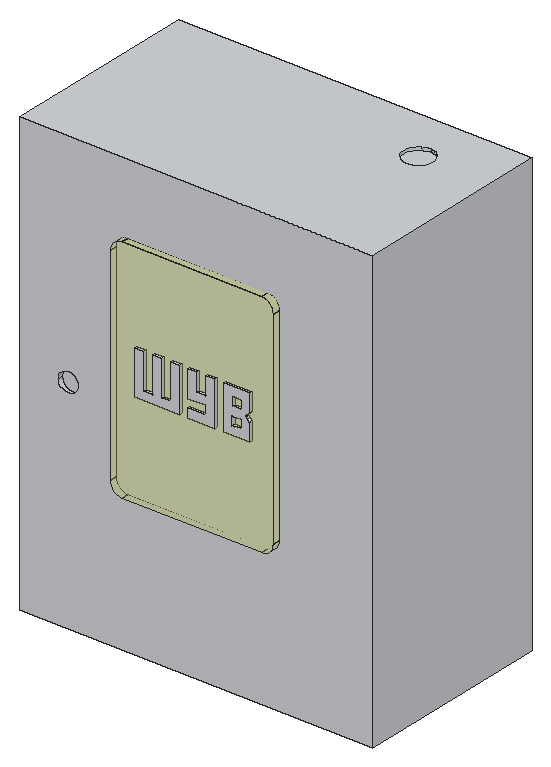
Revit family "ШУВ-М", category Оборудование, Revit 2020
Family settings
  Размер круглого соединителя = Использовать диаметр
  Классификация = Нет
  Тип детали = Нормальный
  На основе рабочей плоскости = Нет
  Всегда вертикально = Да
  При загрузке вырезать с полостями = Нет
  Общий = Нет
  Точка расчета площади = Нет
Parameters (values of type "ШУВ-М_IP54_DEK_0,37-4кВт")
  расст замок верт = 250 mm
  Ширина [instance] = 400 mm
  Расст вывода3 от левой стенки = 270 mm
  Расст замок = 55 mm
  Расст вывода2 от левой стенки = 210 mm
  Расст вывода от левой стенки = 150 mm
  Расст вывода от задней стенки = 55 mm
  Расст ПУШ от верхней стенки = 80 mm
  Расст ввод от задней стенки = 60 mm
  Расст ввод от левой стенки = 320 mm
  Расст ПУШ от левой стенки = 110 mm
  Отметка по умолчанию = 0 mm
  Описание = "ШУВ-М предназначен для управления одно/трехфазным электродвигателем приточного или вытяжного вентилятора системы противопожарной вентиляции от 0,37 до 37 кВт, как в режиме «Местный пуск» с лицевой панели ШУВ-М, так и по сигналам любого модуля/прибора управления в режиме «Автоматический пуск» с контролем и отображением состояния вентилятора при помощи световой индикации и с передачей сигналов состояния на модуль управления, а также с опцией управления электрическим нагревателем мощностью 0,37 – 45 кВт."
  Назв гориз ПУШ = 210 mm
  Комментарии к типоразмеру = "Ш2/IP54/DEK"
  Изготовитель = "ООО \"Плазма-Т\""
  Группа модели = "ШУВ-М-М"
  Глубина [instance] = 225 mm
  Высота [instance] = 500 mm
  URL = "https://plazma-t.ru/"
Types (11, lengths in mm): name | расст замок верт | Ширина | Расст вывода3 от левой стенки | Расст замок | Расст вывода2 от левой стенки | Расст вывода от левой стенки | Расст вывода от задней стенки | Расст ПУШ от верхней стенки | Расст ввод от задней стенки | Расст ввод от левой стенки | Расст ПУШ от левой стенки | Назв гориз ПУШ | Комментарии к типоразмеру | Глубина | Высота
  ШУВ-М_SE_АВВ_0,37-4кВт | 250 | 405 | 320 | 360 | 240 | 160 | 100 | 100 | 85 | 150 | 80 | 120 | "Ш2/ABB" | 204 | 505
  ШУВ-М_IP54_DEK_0,37-4кВт | 250 | 400 | 270 | 55 | 210 | 150 | 55 | 80 | 60 | 320 | 110 | 210 | "Ш2/IP54/DEK" | 225 | 500
  ШУВ-М_IP31_DEK_0,37-4кВт | 250 | 400 | 270 | 55 | 210 | 150 | 55 | 80 | 60 | 320 | 110 | 210 | "Ш2/IP31/DEK" | 200 | 500
  ШУВ-М_SE_АВВ_5,5-18,5кВт | 350 | 500 | 235 | 450 | 175 | 115 | 125 | 130 | 100 | 185 | 140 | 120 | "Ш3/ABB" | 250 | 700
  ШУВ-М_DEK _ 22-45кВт | 400 | 650 | 345 | 55 | 285 | 225 | 125 | 110 | 60 | 245 | 340 | 210 | "Ш4/DEK" | 250 | 800
  ШУВ-М_SE_АВВ_22-45кВт | 400 | 600 | 270 | 550 | 210 | 150 | 125 | 110 | 100 | 230 | 220 | 120 | "Ш4/ABB" | 250 | 800
  ШУВ-М_SE_АВВ_200кВт | 900 | 800 | 500 | 750 | 400 | 300 | 200 | 400 | 100 | 355 | 308 | 120 | "Ш8/ABB" | 400 | 1800
  ШУВ-М_DEK _ 55-160кВт | 600 | 750 | 480 | 55 | 380 | 280 | 125 | 350 | 60 | 400 | 410 | 210 | "Ш6/DEK" | 300 | 1200
  ШУВ-М_SE_АВВ_55-160кВт | 600 | 800 | 430 | 750 | 330 | 230 | 100 | 230 | 130 | 540 | 250 | 120 | "Ш6/ABB" | 300 | 1200
  ШУВ-М_DEK _ 5,5-18,5кВт | 300 | 500 | 320 | 55 | 260 | 200 | 60 | 110 | 60 | 330 | 220 | 210 | "Ш3/DEK" | 220 | 650
  ШУВ-М_DEK _ 200кВт | 1000 | 800 | 480 | 70 | 380 | 280 | 125 | 380 | 150 | 400 | 308 | 210 | "Ш20/DEK" | 450 | 2000
Reference planes
  plane 1 "По центру (Вперед/Назад)": y = 0
  plane 2: z = 0
  plane 3 "По центру (Влево/Вправо)": x = 0
  plane 4: y = -9
Forms (mm)
  Extrusion 1, solid
    sketch origin (0, 0, 0) x (1, 0, 0) y (0, 1, 0)
      loop
        line (0, 0) -> (400, 0) -> (400, 225) -> (0, 225) -> (0, 0)
    from 0 to 500
  Extrusion 2, solid, material "Источник света по умолчанию"
    sketch origin (0, 0, 0) x (1, 0, 0) y (0, 0, 1)
      loop
        arc (123, 420) -> (113.808, 416.192) -> (110, 407) r 13
        line (110, 407) -> (110, 173)
        arc (110, 173) -> (113.808, 163.808) -> (123, 160) r 13
        line (123, 160) -> (281.542, 160)
        arc (281.542, 160) -> (290.734, 163.808) -> (294.542, 173) r 13
        line (294.542, 173) -> (294.542, 407)
        arc (294.542, 407) -> (290.734, 416.192) -> (281.542, 420) r 13
        line (281.542, 420) -> (123, 420)
    from 0 to 9
  Extrusion 3, void
    sketch origin (0, 0, 0) x (1, 0, 0) y (0, 0, 1)
      loop
        circle (55, 250) r 11.5
    from 10 to -5.347
  Extrusion 4, void
    sketch origin (0, 0, 500) x (0, 1, 0) y (1, 0, 0)
      loop
        circle (165, 320) r 17
    from 0 to 3
  Extrusion 5, void
    sketch origin (0, 0, 0) x (1, 0, 0) y (0, 1, 0)
      loop
        circle (150, 170) r 17
    from 0 to 3
  Extrusion 6, void
    sketch origin (0, 0, 0) x (1, 0, 0) y (0, 1, 0)
      loop
        circle (210, 170) r 17
    from 0 to 3
  Extrusion 7, void
    sketch origin (0, 0, 0) x (1, 0, 0) y (0, 1, 0)
      loop
        circle (270, 170) r 17
    from 0 to 3
  Extrusion 8, solid
    sketch origin (0, -9, 0) x (1, 0, 0) y (0, 0, 1)
      loop
        line (140.078, 270) -> (190.25, 270) -> (190.25, 320) -> (180.25, 320) -> (180.25, 280) -> (170.25, 280) -> (170.25, 320) -> (160.25, 320) -> (160.25, 280) -> (150.25, 280) -> (150.25, 320) -> (140.078, 320) -> (140.078, 270)
      loop
        line (200.25, 320) -> (200.25, 290) -> (220.25, 290) -> (220.25, 280) -> (200.25, 280) -> (200.25, 270) -> (230.25, 270) -> (230.25, 320) -> (220.25, 320) -> (220.25, 300) -> (210.25, 300) -> (210.25, 320) -> (200.25, 320)
      loop
        line (240.25, 320) -> (240.25, 270) -> (270.25, 270) -> (270.25, 290) -> (265.25, 295) -> (270.25, 300) -> (270.25, 320) -> (240.25, 320)
      loop
        line (250.25, 280) -> (260.675, 280) -> (260.675, 290) -> (250.25, 290) -> (250.25, 280)
      loop
        line (250.675, 310) -> (250.675, 300) -> (260.675, 300) -> (260.675, 310) -> (250.675, 310)
    from 0 to 3
  Extrusion 9, void
    sketch origin (0, 0, 0) x (1, 0, 0) y (0, 1, 0)
      loop
        circle (50, 50) r 17
      loop
        circle (100, 50) r 17
      loop
        circle (150, 50) r 17
      loop
        circle (200, 50) r 17
    from 0 to 3
Cuts and joins
  Extrusion 3, Extrusion 4, Extrusion 5, Extrusion 6, Extrusion 7, Extrusion 9 cuts Extrusion 1
Dimensions and locks
  "Ширина": Extrusion 1 to Extrusion 1
  "Глубина": Extrusion 1 to Extrusion 1
  "Высота": Extrusion 1 to Extrusion 1
  Extrusion 1 to Extrusion 2 sketch curve = 80 mm
  "Расст ПУШ от верхней стенки": Extrusion 1 to Extrusion 2
  "расст замок верт": Extrusion 1 to Extrusion 3 sketch curve
  "Расст замок": Extrusion 1 to Extrusion 3 sketch curve
  "Расст ввод от левой стенки": Extrusion 4 sketch curve to cut or joined group of Extrusion 1, Extrusion 3, Extrusion 4, Extrusion 5, Extrusion 6, Extrusion 7, Extrusion 9
  "Расст ввод от задней стенки": cut or joined group of Extrusion 1, Extrusion 3, Extrusion 4, Extrusion 5, Extrusion 6, Extrusion 7, Extrusion 9 to Extrusion 4 sketch curve
  locked: Extrusion 2 sketch curve to Extrusion 2 sketch curve at 184.542
  locked: Extrusion 2 sketch curve to Extrusion 2 sketch curve at 260
  "Расст ПУШ от левой стенки": cut or joined group of Extrusion 1, Extrusion 3, Extrusion 4, Extrusion 5, Extrusion 6, Extrusion 7, Extrusion 9 to Extrusion 2 sketch curve
  "Расст вывода от левой стенки": cut or joined group of Extrusion 1, Extrusion 3, Extrusion 4, Extrusion 5, Extrusion 6, Extrusion 7, Extrusion 9 to Extrusion 5 sketch curve
  "Расст вывода от задней стенки": cut or joined group of Extrusion 1, Extrusion 3, Extrusion 4, Extrusion 5, Extrusion 6, Extrusion 7, Extrusion 9 to Extrusion 5 sketch curve
  "Расст вывода от задней стенки": cut or joined group of Extrusion 1, Extrusion 3, Extrusion 4, Extrusion 5, Extrusion 6, Extrusion 7, Extrusion 9 to Extrusion 6 sketch curve
  "Расст вывода2 от левой стенки": cut or joined group of Extrusion 1, Extrusion 3, Extrusion 4, Extrusion 5, Extrusion 6, Extrusion 7, Extrusion 9 to Extrusion 6 sketch curve
  "Расст вывода от задней стенки": cut or joined group of Extrusion 1, Extrusion 3, Extrusion 4, Extrusion 5, Extrusion 6, Extrusion 7, Extrusion 9 to Extrusion 7 sketch curve
  "Расст вывода3 от левой стенки": cut or joined group of Extrusion 1, Extrusion 3, Extrusion 4, Extrusion 5, Extrusion 6, Extrusion 7, Extrusion 9 to Extrusion 7 sketch curve
  cut or joined group of Extrusion 1, Extrusion 3, Extrusion 4, Extrusion 5, Extrusion 6, Extrusion 7, Extrusion 9 to cut or joined group of Extrusion 1, Extrusion 3, Extrusion 4, Extrusion 5, Extrusion 6, Extrusion 7, Extrusion 9 = 400 mm
  Extrusion 8 sketch curve to Extrusion 8 sketch curve = 50 mm
  Extrusion 8 sketch curve to Extrusion 2 = 160 mm
  Extrusion 8 sketch curve to Extrusion 8 sketch curve = 50.172 mm
  Extrusion 2 to Extrusion 8 sketch curve = 30.078 mm
  Extrusion 8 sketch curve to Extrusion 8 sketch curve = 60.172 mm
  Extrusion 8 sketch curve to Extrusion 8 sketch curve = 130.172 mm
  Extrusion 8 sketch curve to Extrusion 8 sketch curve = 30 mm  (x2)
  cut or joined group of Extrusion 1, Extrusion 3, Extrusion 4, Extrusion 5, Extrusion 6, Extrusion 7, Extrusion 9 to Extrusion 9 sketch curve = 50 mm  (x5)
  Extrusion 9 sketch curve to Extrusion 9 sketch curve to Extrusion 9 sketch curve to Extrusion 9 sketch curve = 50 mm, 50 mm, 50 mm
  diameter of Extrusion 4 sketch curve = 34 mm
  aligned and locked: level to plane 2
  aligned and locked: Extrusion 1 to level
  aligned and locked: Extrusion 1 to plane 3 "По центру (Влево/Вправо)"
  aligned and locked: plane 1 "По центру (Вперед/Назад)" to Extrusion 1
Automatic sketch dimensions
  plane 3 "По центру (Влево/Вправо)" to Extrusion 1 sketch curve = 0 mm
  plane 1 "По центру (Вперед/Назад)" to Extrusion 1 sketch curve = 0 mm
  plane 3 "По центру (Влево/Вправо)" to Extrusion 1 sketch curve = 400 mm
  Extrusion 1 sketch curve to plane 1 "По центру (Вперед/Назад)" = 225 mm
  Extrusion 8 sketch curve to Extrusion 8 sketch curve = 10.172 mm
  Extrusion 8 sketch curve to Extrusion 8 sketch curve = 10 mm  (x15)
  Extrusion 8 sketch curve to Extrusion 8 sketch curve = 0 mm  (x10)
  Extrusion 8 sketch curve to Extrusion 8 sketch curve = 5 mm  (x3)
  Extrusion 8 sketch curve to Extrusion 8 sketch curve = 20 mm
  Extrusion 8 sketch curve to Extrusion 8 sketch curve = 0.425 mm
  Extrusion 8 sketch curve to Extrusion 8 sketch curve = 4.575 mm
  Extrusion 2 sketch curve to Extrusion 2 sketch curve = 13 mm  (x4)
  radius of Extrusion 9 sketch curve = 17 mm  (x4)
  radius of Extrusion 3 sketch curve = 11.5 mm
  radius of Extrusion 5 sketch curve = 17 mm
  radius of Extrusion 6 sketch curve = 17 mm
  radius of Extrusion 7 sketch curve = 17 mm
Connectors
  electrical at (320, 165, 497)
    settings: on cut or joined group of Extrusion 1, Extrusion 3, Extrusion 4, Extrusion 5, Extrusion 6, Extrusion 7, Extrusion 9, index 1, voltage 0 V, apparent load 0 VA, apparent load phase1 0 VA, apparent load phase2 0 VA, apparent load phase3 0 VA, power factor 1, load classification "Прочее", number of poles 1, system type 30, power factor state 1, is connector primary yes, connector utility no, sub classification motor no, connector description "380V"
  electrical at (150, 170, 3)
    settings: on cut or joined group of Extrusion 1, Extrusion 3, Extrusion 4, Extrusion 5, Extrusion 6, Extrusion 7, Extrusion 9, index 2, voltage 0 V, apparent load 0 VA, apparent load phase1 0 VA, apparent load phase2 0 VA, apparent load phase3 0 VA, power factor 1, load classification "Прочее", number of poles 1, system type 11, power factor state 1, is connector primary no, connector utility no, sub classification motor no, connector description "24V или 220V"
  electrical at (210, 170, 3)
    settings: on cut or joined group of Extrusion 1, Extrusion 3, Extrusion 4, Extrusion 5, Extrusion 6, Extrusion 7, Extrusion 9, index 3, voltage 0 V, apparent load 0 VA, apparent load phase1 0 VA, apparent load phase2 0 VA, apparent load phase3 0 VA, power factor 1, load classification "Прочее", number of poles 1, system type 11, power factor state 1, is connector primary no, connector utility no, sub classification motor no, connector description "шлейф"
  electrical at (270, 170, 3)
    settings: on cut or joined group of Extrusion 1, Extrusion 3, Extrusion 4, Extrusion 5, Extrusion 6, Extrusion 7, Extrusion 9, index 4, voltage 0 V, apparent load 0 VA, apparent load phase1 0 VA, apparent load phase2 0 VA, apparent load phase3 0 VA, power factor 1, load classification "Прочее", number of poles 1, system type 11, power factor state 1, is connector primary no, connector utility no, sub classification motor no, connector description "шлейф"
  electrical at (50, 50, 3)
    settings: on cut or joined group of Extrusion 1, Extrusion 3, Extrusion 4, Extrusion 5, Extrusion 6, Extrusion 7, Extrusion 9, index 5, voltage 0 V, apparent load 0 VA, apparent load phase1 0 VA, apparent load phase2 0 VA, apparent load phase3 0 VA, power factor 1, load classification "Прочее", number of poles 1, system type 13, power factor state 1, is connector primary no, connector utility no, sub classification motor no, connector description "реле"
  electrical at (100, 50, 3)
    settings: on cut or joined group of Extrusion 1, Extrusion 3, Extrusion 4, Extrusion 5, Extrusion 6, Extrusion 7, Extrusion 9, index 6, voltage 0 V, apparent load 0 VA, apparent load phase1 0 VA, apparent load phase2 0 VA, apparent load phase3 0 VA, power factor 1, load classification "Прочее", number of poles 1, system type 13, power factor state 1, is connector primary no, connector utility no, sub classification motor no, connector description "реле"
  electrical at (150, 50, 3)
    settings: on cut or joined group of Extrusion 1, Extrusion 3, Extrusion 4, Extrusion 5, Extrusion 6, Extrusion 7, Extrusion 9, index 7, voltage 0 V, apparent load 0 VA, apparent load phase1 0 VA, apparent load phase2 0 VA, apparent load phase3 0 VA, power factor 1, load classification "Прочее", number of poles 1, system type 13, power factor state 1, is connector primary no, connector utility no, sub classification motor no, connector description "реле"
  electrical at (200, 50, 3)
    settings: on cut or joined group of Extrusion 1, Extrusion 3, Extrusion 4, Extrusion 5, Extrusion 6, Extrusion 7, Extrusion 9, index 8, voltage 0 V, apparent load 0 VA, apparent load phase1 0 VA, apparent load phase2 0 VA, apparent load phase3 0 VA, power factor 1, load classification "Прочее", number of poles 1, system type 13, power factor state 1, is connector primary no, connector utility no, sub classification motor no, connector description "награзка 24V"
